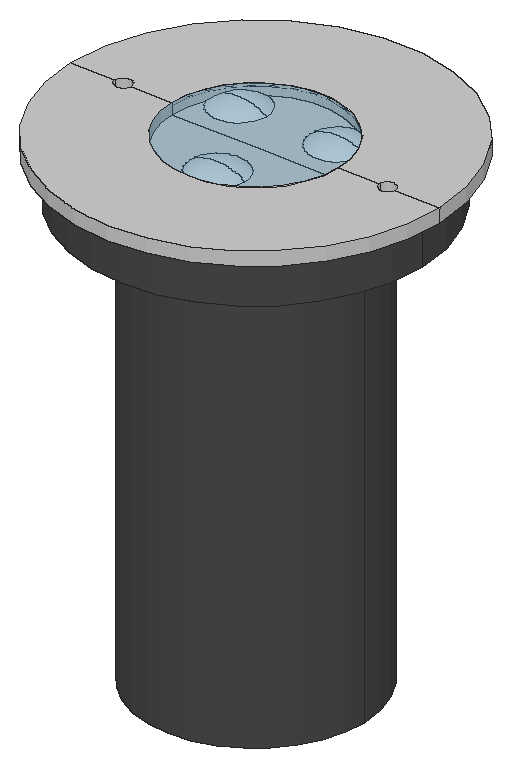
Revit family "LED PANAL 3W_LKL0366WW.10", category Luminarias, Revit 2019
Family settings
  Cota de conector redondo = Diámetro de uso
  Tipo de pieza = Normal
  Se basa en plano de trabajo = Sí
  Siempre vertical = No
  Corte con vacíos al cargar = No
  Origen de luz = Sí
  Compartido = No
  Punto de cálculo de habitación = No
Parameters (values of type "EMP_LKL0366WW.10")
  Ángulo de inclinación = 105.00°
  Ángulo de enfoque = 10.00°
  Ángulo de campo de foco = 10.00°
  Zone [instance] = ""
  Watt per fixture = 3.8
  Wattage = 3.8 W
  built-in parameter 1150107 = 3000 (stored number, unit not read)
  built-in parameter 1150110 = 1 (stored number, unit not read)
  built-in parameter 1150109 = 1 (stored number, unit not read)
  built-in parameter 1150112 = 1 (stored number, unit not read)
  built-in parameter 1150113 = 1 (stored number, unit not read)
  built-in parameter 1114218 = 1 (stored number, unit not read)
  Keynote = ""
  built-in parameter 1150137 = (empty or 0)
  built-in parameter 1150132 = (empty or 0)
  Modelo = "LKL0366WW.10"
  Lámpara = "OSRAM"
  Longitud de símbolo de origen de luz = 500 mm
  built-in parameter 1150105 = 17040.9 (stored number, unit not read)
  built-in parameter 1150102 = (empty or 0)
  built-in parameter 1150106 = 170.41 (stored number, unit not read)
  Lumens = 293.968 lm
  Color Filter = 16777215
  built-in parameter 1114217 = 1 (stored number, unit not read)
  built-in parameter 1150139 = (empty or 0)
  Fabricante = "BRILLANT"
  Default Elevation = 0 mm
  built-in parameter 1150104 = 7.187 (stored number, unit not read)
  Descripción = "LUMINARIA TIPO CIRCULAR PARA EMPOTRAR EN PISO CON CUERPO DE ALUMINIO FUNDIDO A PRESION CUBIERTO CON POLVO GRIS OSCURO, CON CUBIERTA DE ACERO INOXIDABLE Y VIDRIO TEMPLADO DE 6MM, HOUSING TIPO ABS DE 105MM DE DIAMETRO Y 150MM DE PROFUNDO. CUENTA CON 3 LED OSRAM CON UNA POTENCIA TOTAL DE 3.8W, A UNA TEMPERATURA EN BLANCO CALIDO DE 3000K CON 294 LUMENES, 54mA EN CORRIENTE DE OPERACIÓN, IP67, IK09, IRC 80, DISPONIBLE PARA ATENUAR EN TRIAC (OPCIONAL), APERTURA EN 10 GRADOS POR PROYECTO, ALIMENTADA A 100-240V"
  built-in parameter 1150115 = 1 (stored number, unit not read)
  built-in parameter 1150114 = 1 (stored number, unit not read)
  Comentarios de vataje = "100-240V"
  built-in parameter 1150138 = (empty or 0)
  built-in parameter 1150134 = (empty or 0)
  Circuit [instance] = ""
  Dimming Lamp Color Temperature Shift = (empty or 0)
  built-in parameter 1150133 = 10 (stored number, unit not read)
Reference planes
  plane 1 "Centro (Frontal/Posterior)": y = 0
  plane 2: z = 0
  plane 3 "Centro (Izquierda/Derecha)": x = 0
  plane 4: z = -150
  plane 5: x = -653.678
  plane 6: x = 600
  plane 7: x = -67.5
  plane 8: x = 67.5
  plane 9: z = -77
  plane 10 "PEND": y = 13.75
  plane 11 "Centro I/E": y = -15
  plane 12: x = -63.5
  plane 13: x = 63.5
  plane 14: z = -58
Forms (mm)
  Revolve 1, solid, material "Acero Inoxidable"
    sketch origin (0, 0, 0) x (1, 0, 0) y (0, 0, 1)
      loop
        line (-26.32, 3.372) -> (-58, 3.372) -> (-58, -0.88) -> (-31.32, -0.88) -> (-31.32, -39.089) -> (0, -39.089) -> (0, 0) -> (-26.32, 0) -> (-26.32, 3.372)
      axis (0, 3.372) -> (0, -39.089)
    angle from 0 to 360
  Revolve 2, solid
    sketch origin (14.219, 13.75, 0) x (-1, 0, 0) y (0, 0, 1)
      loop
        line (30.469, 0) -> (39.129, 0)
        arc (39.129, 0) -> (35.004, 1.961) -> (30.469, 2.5) r 14.087
        line (30.469, 2.5) -> (30.469, 0)
      axis (30.469, 2.5) -> (30.469, 0)
    angle from 0 to 360
  Extrusion 3, solid, material "Cristal"
    sketch origin (0, 0, 0) x (1, 0, 0) y (0, 1, 0)
      loop
        circle (0, 0) r 26.32
    from 2.552 to 3.372
  Extrusion 4, solid, material "Plastico"
    sketch origin (0, 0, 0) x (1, 0, 0) y (0, 1, 0)
      loop
        circle (0, 0) r 10
    from -58 to -47.282
  Extrusion 5, solid, material "Cobre"
    sketch origin (0, 0, 0) x (1, 0, 0) y (0, 1, 0)
      loop
        line (12.101, 0) -> (6.051, 10.48) -> (-6.051, 10.48) -> (-12.101, 0) -> (-6.051, -10.48) -> (6.051, -10.48) -> (12.101, 0)
    from -47.282 to -39.089
  Revolve 6, solid, material "Plastico"
    sketch origin (0, 0, 0) x (1, 0, 0) y (0, 0, 1)
      loop
        line (-52.5, -0.88) -> (-52.5, -15.267) -> (-34.387, -15.267) -> (-34.387, -150) -> (0, -150) -> (0, -147.5) -> (-31.843, -147.5) -> (-31.843, -12.767) -> (-49.719, -12.767) -> (-49.719, -0.88) -> (-52.5, -0.88)
      axis (0, -0.88) -> (0, -150)
    angle from 0 to 360
  Extrusion 7, void
    sketch origin (0, 0, 0) x (1, 0, 0) y (0, 1, 0)
      loop
        circle (-41.625, 0) r 2.557
      loop
        circle (41.625, 0) r 2.557
    from -3.838 to 7.824
  Extrusion 8, solid, material "Plastico"
    sketch origin (0, 0, 0) x (1, 0, 0) y (0, 1, 0)
      loop
        line (-8.088, -33.422) -> (-8.088, -43.067)
        arc (-8.088, -43.067) -> (-0.01, -43.849) -> (8.088, -43.305) r 49.719
        line (8.088, -43.305) -> (8.088, -33.422)
        arc (8.088, -33.422) -> (0, -34.387) -> (-8.088, -33.422) r 34.387
      loop
        line (33.422, -8.088) -> (43.067, -8.088)
        arc (43.067, -8.088) -> (43.849, -0.01) -> (43.305, 8.088) r 49.719
        line (43.305, 8.088) -> (33.422, 8.088)
        arc (33.422, 8.088) -> (34.387, 0) -> (33.422, -8.088) r 34.387
      loop
        arc (-33.422, -8.088) -> (-34.387, 0) -> (-33.422, 8.088) r 34.387
        line (-33.422, 8.088) -> (-43.305, 8.088)
        arc (-43.305, 8.088) -> (-43.849, -0.01) -> (-43.067, -8.088) r 49.719
        line (-43.067, -8.088) -> (-33.422, -8.088)
      loop
        arc (-8.088, 33.422) -> (0, 34.387) -> (8.088, 33.422) r 34.387
        line (8.088, 33.422) -> (8.088, 43.305)
        arc (8.088, 43.305) -> (-0.01, 43.849) -> (-8.088, 43.067) r 49.719
        line (-8.088, 43.067) -> (-8.088, 33.422)
    from -19.859 to -15.267
  Revolve 9, solid
    sketch origin (30.469, -15, 0) x (-1, 0, 0) y (0, 0, 1)
      loop
        line (30.469, 0) -> (39.129, 0)
        arc (39.129, 0) -> (35.004, 1.961) -> (30.469, 2.5) r 14.087
        line (30.469, 2.5) -> (30.469, 0)
      axis (30.469, 2.5) -> (30.469, 0)
    angle from 0 to 360
  Revolve 10, solid
    sketch origin (45.302, 13.75, 0) x (-1, 0, 0) y (0, 0, 1)
      loop
        line (30.469, 0) -> (39.129, 0)
        arc (39.129, 0) -> (35.004, 1.961) -> (30.469, 2.5) r 14.087
        line (30.469, 2.5) -> (30.469, 0)
      axis (30.469, 2.5) -> (30.469, 0)
    angle from 0 to 360
Cuts and joins
  Extrusion 7 cuts Revolve 1
Dimensions and locks
  plane 2 to plane 4 = 150 mm
  level to plane 4 = 150 mm
  equal spacing: plane 7, plane 3 "Centro (Izquierda/Derecha)", plane 8
  plane 7 to plane 3 "Centro (Izquierda/Derecha)" = 67.5 mm
  plane 7 to plane 8 = 135 mm
  level to plane 9 = 77 mm
  plane 8 to plane 7 = 135 mm
  equal spacing: plane 13, plane 3 "Centro (Izquierda/Derecha)", plane 12
  plane 3 "Centro (Izquierda/Derecha)" to plane 12 = 63.5 mm
  plane 13 to plane 12 = 127 mm
  plane 2 to plane 14 = 58 mm
  Revolve 1 sketch curve to Revolve 1 sketch curve = 58 mm
  Revolve 6 sketch curve to Revolve 6 sketch curve = 52.5 mm
  aligned and locked: level to plane 2
  aligned and locked: Extrusion 5 to cut or joined group of Revolve 1, Extrusion 7
  aligned and locked: Extrusion 4 to plane 14
  aligned and locked: Extrusion 4 to Extrusion 5
Automatic sketch dimensions
  Revolve 1 sketch curve to level = 0 mm
  Revolve 1 sketch curve to plane 3 "Centro (Izquierda/Derecha)" = 0 mm  (x2)
  Revolve 1 sketch curve to plane 9 = 0 mm
  Revolve 1 sketch curve to level = 0.88 mm
  Revolve 1 sketch curve to Revolve 1 sketch curve = 26.68 mm
  Revolve 1 sketch curve to Revolve 1 sketch curve = 5 mm
  plane 14 to Revolve 1 sketch curve = 18.911 mm
  level to Revolve 1 sketch curve = 3.372 mm
  level to Revolve 1 sketch curve = 40 mm
  Revolve 2 sketch curve to level = 0 mm  (x2)
  Revolve 2 sketch curve to plane 3 "Centro (Izquierda/Derecha)" = 16.25 mm
  Revolve 2 sketch curve to Revolve 2 sketch curve = 0.628 mm  (x2)
  Revolve 2 sketch curve to Revolve 2 sketch curve = 8.66 mm
  Revolve 2 sketch curve to level = 11.573 mm
  Revolve 2 sketch curve to Revolve 2 sketch curve = 5.189 mm
  plane 1 "Centro (Frontal/Posterior)" to Extrusion 3 sketch curve = 0 mm
  Extrusion 3 sketch curve to plane 3 "Centro (Izquierda/Derecha)" = 0 mm
  plane 1 "Centro (Frontal/Posterior)" to Extrusion 4 sketch curve = 0 mm
  Extrusion 4 sketch curve to plane 3 "Centro (Izquierda/Derecha)" = 0 mm
  Revolve 6 sketch curve to plane 4 = 0 mm
  Revolve 6 sketch curve to plane 3 "Centro (Izquierda/Derecha)" = 0 mm  (x2)
  Revolve 6 sketch curve to Revolve 6 sketch curve = 2.781 mm
  Revolve 6 sketch curve to Revolve 6 sketch curve = 15.333 mm
  Revolve 6 sketch curve to Revolve 6 sketch curve = 2.544 mm
  plane 4 to Revolve 6 sketch curve = 2.5 mm
  Revolve 6 sketch curve to level = 15.267 mm
  Revolve 6 sketch curve to Revolve 6 sketch curve = 2.5 mm
  Revolve 6 sketch curve to level = 0.88 mm
  Revolve 6 sketch curve to plane 4 = 33.38 mm
  level to Revolve 6 sketch curve = 26.62 mm
  plane 1 "Centro (Frontal/Posterior)" to Extrusion 7 sketch curve = 0 mm  (x2)
  plane 12 to Extrusion 7 sketch curve = 21.875 mm
  Extrusion 7 sketch curve to plane 13 = 21.875 mm
  Extrusion 8 sketch curve to Extrusion 8 sketch curve = 0 mm  (x12)
  plane 1 "Centro (Frontal/Posterior)" to Extrusion 8 sketch curve = 0 mm
  Extrusion 8 sketch curve to plane 3 "Centro (Izquierda/Derecha)" = 0 mm
  Extrusion 8 sketch curve to plane 1 "Centro (Frontal/Posterior)" = 0.722 mm  (x2)
  Extrusion 8 sketch curve to plane 3 "Centro (Izquierda/Derecha)" = 5.865 mm
  Extrusion 8 sketch curve to plane 3 "Centro (Izquierda/Derecha)" = 8.088 mm  (x2)
  Extrusion 8 sketch curve to plane 10 "PEND" = 5.662 mm  (x2)
  Extrusion 8 sketch curve to Extrusion 8 sketch curve = 27.556 mm  (x2)
  plane 11 "Centro I/E" to Extrusion 8 sketch curve = 6.912 mm  (x2)
  Extrusion 8 sketch curve to Extrusion 8 sketch curve = 9.645 mm  (x4)
  Extrusion 8 sketch curve to Extrusion 8 sketch curve = 9.883 mm  (x2)
  plane 3 "Centro (Izquierda/Derecha)" to Extrusion 8 sketch curve = 0.722 mm  (x2)
  plane 3 "Centro (Izquierda/Derecha)" to Extrusion 8 sketch curve = 8.088 mm  (x2)
  Extrusion 8 sketch curve to plane 11 "Centro I/E" = 18.422 mm
  plane 1 "Centro (Frontal/Posterior)" to Extrusion 8 sketch curve = 5.865 mm
  plane 10 "PEND" to Extrusion 8 sketch curve = 19.672 mm
  Revolve 9 sketch curve to level = 0 mm  (x2)
  Revolve 9 sketch curve to plane 3 "Centro (Izquierda/Derecha)" = 0 mm  (x2)
  Revolve 9 sketch curve to plane 3 "Centro (Izquierda/Derecha)" = 0.628 mm
  Revolve 9 sketch curve to Revolve 9 sketch curve = 8.66 mm
  Revolve 9 sketch curve to level = 11.573 mm
  Revolve 9 sketch curve to Revolve 9 sketch curve = 5.189 mm
  Revolve 10 sketch curve to level = 0 mm  (x2)
  plane 3 "Centro (Izquierda/Derecha)" to Revolve 10 sketch curve = 14.833 mm
  Revolve 10 sketch curve to Revolve 10 sketch curve = 0.628 mm  (x2)
  plane 3 "Centro (Izquierda/Derecha)" to Revolve 10 sketch curve = 6.173 mm
  Revolve 10 sketch curve to level = 11.573 mm
  Revolve 10 sketch curve to Revolve 10 sketch curve = 5.189 mm
  radius of Extrusion 3 sketch curve = 26.32 mm
  radius of Extrusion 4 sketch curve = 10 mm
  radius of Extrusion 7 sketch curve = 2.557 mm  (x2)
Connectors
  electrical at (0, 0, -150)
    settings: on Revolve 6, index 1, voltage 240 V, apparent load 0 VA, apparent load phase1 0 VA, apparent load phase2 0 VA, apparent load phase3 0 VA, power factor 1, load classification "Otro", number of poles 1, system type 31, power factor state 1, is connector primary yes, connector utility no, sub classification motor no, connector description ""
